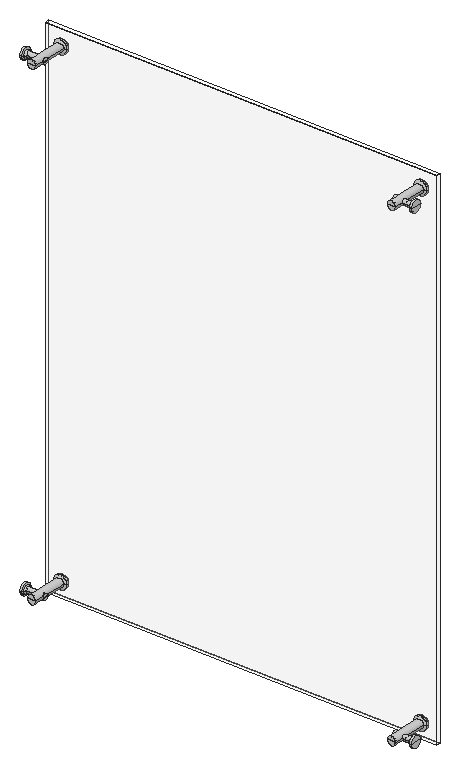
Revit family "Panel_Single Pane w Mullion Connector_Exterior", category Curtain Panels, Revit 2024
Family settings
  OmniClass Number = 23.25.20.14.11.11.17
  OmniClass Title = Infill Panels
  Always vertical = Yes
  Cut with Voids When Loaded = No
  Shared = No
Parameters (values of type "Default")
  offset_ top/bottom edge = 75 mm
  Thickness_Panel = 20 mm
  Panel = _Default - Glass - Exterior Transparent
  Offset_Left/Right Edge = 75 mm
  EA_Repath [instance] = 0 mm
  Define Thermal Properties by = Schematic Type
  Analytic Construction = "<None>"
Reference planes
  plane 1 "Front": y = 0
  plane 2: z = 0
  plane 3 "Center (Left/Right)": x = 0
  plane 4 "Left": x = -933.477
  plane 5 "Right": x = 933.477
  plane 6 "Top": z = 2438.4
  plane 7: z = 75
  plane 8: z = 2363.4
  plane 9: x = 858.477
  plane 10: x = -858.477
Forms (mm)
  Extrusion 1, solid, material "_Default - Glass - Exterior Transparent" <- "Panel"
    sketch origin (0, 0, 0) x (1, 0, 0) y (0, 0, 1)
      loop
        line (933.477, 2438.4) -> (-933.477, 2438.4) -> (-933.477, 0) -> (933.477, 0) -> (933.477, 2438.4)
    from 0 to 20
Text (mm)
  text "Exterior" at (-1379.057, 797.241, 0), in view "Ref. Level"
  text "Exterior" at (12192, 1055.114, 2275.943), in view "Right"
  text "Exterior" at (-6096, 1468.734, 2687.031), in view "Left"
Dimensions and locks
  equal spacing: plane 4 "Left", plane 3 "Center (Left/Right)", plane 5 "Right"
  "Thickness_Panel": Extrusion 1 to plane 1 "Front"
  "offset_ top/bottom edge": plane 6 "Top" to plane 8
  "Offset_Left/Right Edge": plane 4 "Left" to plane 10
  "Offset_Left/Right Edge": plane 9 to plane 5 "Right"
  "offset_ top/bottom edge": plane 7 to plane 2
  aligned and locked: level to plane 2
  aligned and locked: Extrusion 1 sketch curve to plane 6 "Top"
  aligned and locked: Extrusion 1 sketch curve to plane 5 "Right"
  aligned and locked: plane 4 "Left" to Extrusion 1 sketch curve
  aligned and locked: nested 4 to plane 8
  aligned and locked: nested 3 to plane 7
  aligned and locked: plane 7 to nested 2
  aligned and locked: plane 10 to nested 2
  aligned and locked: plane 10 to nested 1
  aligned and locked: plane 9 to nested 3
  aligned and locked: plane 9 to nested 4
  aligned and locked: plane 8 to nested 1
  aligned and locked: nested 4 to Extrusion 1
  aligned and locked: Extrusion 1 to nested 1
  aligned and locked: nested 3 to Extrusion 1
  aligned and locked: Extrusion 1 to nested 2
Automatic sketch dimensions
  Extrusion 1 sketch curve to level = 0 mm
Nested families
  nested 1: "WW Connector w  Bracket" at (-858.477, -20, 2363.4), type "Default"
  nested 2: "WW Connector w  Bracket" at (-858.477, -20, 75), type "Default"
  nested 3: "WW Connector w  Bracket" at (858.477, -20, 75) x (-1, 0, 0) z (0, 0, 1), type "Default"
  nested 4: "WW Connector w  Bracket" at (858.477, -20, 2363.4) x (-1, 0, 0) z (0, 0, 1), type "Default"
Definition of nested family "WW Connector w  Bracket"
  Parameters (values of type "Default")
    Thickness_Mullion Connection_Flange Taper = 9.525 mm
    Thickness_Mullion Connection_Flange = 19.05 mm
    Thickness_Glazing Connection_Flange Taper = 6.35 mm
    Thickness_Glazing Connection_Flange = 12.7 mm
    Radius_Mullion Connection_Shaft = 12.7 mm
    Radius_Mullion Connection_Flange = 25.4 mm
    Radius_Glazing Connection_Interior Shaft = 19.05 mm
    Radius_Glazing Connection_Flange = 31.75 mm
    Radius_Glazing Connection_Exterior Shaft = 12.7 mm
    Length_Mullion Connection_Shaft = 76.2 mm
    Length_Mullion Connection_Extension = 25.4 mm
    Length_Glazing Connection_Interior Shaft = 127 mm
    Length_Glazing Connection_Exterior Shaft = 20 mm
    Length_Glazing Connection_Extension = 50.8 mm
    Default Elevation = 0 mm
    Connector = none
    Assembly Code = ""
  Reference planes
    plane 1 "Center (Front/Back)": y = 0
    plane 2: z = 0
    plane 3 "Center (Left/Right)": x = 0
    plane 4: y = -127
    plane 5: x = -76.2
  Forms (mm)
    Revolve 1, solid, material <- "Connector"
      sketch origin (0, 0, 0) x (1, 0, 0) y (0, 1, 0)
        loop
          line (0, 20) -> (0, -177.8) -> (19.05, -177.8) -> (19.05, -12.7) -> (31.75, -6.35) -> (31.75, 0) -> (12.7, 0) -> (12.7, 20) -> (0, 20)
        axis (0, 20) -> (0, -177.8)
      angle from 0 to 360
    Revolve 2, solid, material <- "Connector"
      sketch origin (0, 0, 0) x (1, 0, 0) y (0, 1, 0)
        loop
          line (25.4, -127) -> (25.4, -114.3) -> (-57.15, -114.3) -> (-66.675, -107.95) -> (-66.675, -101.6) -> (-76.2, -101.6) -> (-76.2, -127) -> (25.4, -127)
        axis (25.4, -127) -> (-76.2, -127)
      angle from 0 to 360
  Dimensions and locks
    "Radius_Glazing Connection_Interior Shaft": plane 3 "Center (Left/Right)" to Revolve 1 sketch curve
    "Radius_Glazing Connection_Exterior Shaft": plane 3 "Center (Left/Right)" to Revolve 1 sketch curve
    "Length_Glazing Connection_Exterior Shaft": plane 1 "Center (Front/Back)" to Revolve 1 sketch curve
    "Radius_Glazing Connection_Flange": plane 3 "Center (Left/Right)" to Revolve 1 sketch curve
    "Thickness_Glazing Connection_Flange": Revolve 1 sketch curve to plane 1 "Center (Front/Back)"
    "Thickness_Glazing Connection_Flange Taper": Revolve 1 sketch curve to plane 1 "Center (Front/Back)"
    "Length_Mullion Connection_Extension": plane 3 "Center (Left/Right)" to Revolve 2 sketch curve
    "Radius_Mullion Connection_Shaft": plane 4 to Revolve 2 sketch curve
    "Length_Mullion Connection_Shaft": plane 5 to plane 3 "Center (Left/Right)"
    "Radius_Mullion Connection_Flange": plane 4 to Revolve 2 sketch curve
    "Thickness_Mullion Connection_Flange Taper": plane 5 to Revolve 2 sketch curve
    "Thickness_Mullion Connection_Flange": plane 5 to Revolve 2 sketch curve
    "Length_Glazing Connection_Interior Shaft": plane 4 to plane 1 "Center (Front/Back)"
    "Length_Glazing Connection_Extension": Revolve 1 sketch curve to plane 4
    aligned and locked: plane 1 "Center (Front/Back)" to Revolve 1 sketch curve
    aligned and locked: plane 5 to Revolve 2 sketch curve
  Automatic sketch dimensions
    Revolve 1 sketch curve to plane 3 "Center (Left/Right)" = 0 mm  (x2)
    Revolve 1 sketch curve to Revolve 1 sketch curve = 441.077 mm
    Revolve 1 sketch curve to Revolve 1 sketch curve = 384.423 mm
    Revolve 2 sketch curve to plane 4 = 0 mm  (x2)
    Revolve 2 sketch curve to Revolve 2 sketch curve = 61.469 mm
    Revolve 2 sketch curve to Revolve 2 sketch curve = 150.369 mm
    Revolve 2 sketch curve to Revolve 2 sketch curve = 6.35 mm
